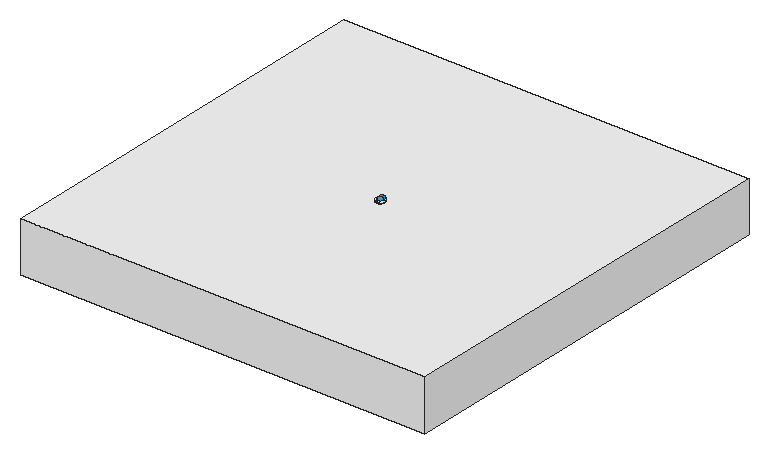
Revit family "3459A_NX_Daylight_Sensor", category Communication Devices, host Face, Revit 2021
Family settings
  Host = Face
  Maintain Annotation Orientation = No
  Round Connector Dimension = Use Diameter
  Part Type = Normal
  OmniClass Number = 23.85.80.11.27
  OmniClass Title = Lighting Controls
  Cut with Voids When Loaded = No
  Shared = Yes
  Room Calculation Point = No
Parameters
  Warranty = "5-Years Warranty"  # constant formula
  Type Comments = "NX Daylight Sensor"  # constant formula
  Product Page URL = ""
  Product Documentation Link = ""
  URL = "https://www.currentlighting.com/nxlightingcontrols"
  Model = ""
  Manufacturer = " NX Lighting Controls"  # constant formula
  Sensing Element = Plastic -  Blue
  Features = "Indoor and Outdoor models available\r\n• Architecturally attractive design\r\n• Open loop operation\r\n• Foot-candle range: 3-6,000fc\r\n• Mounts vertically or horizontally\r\n• Color coded, plug-and-play integration with NX Room Controller"
  Description = "key component in a NX Network Lighting Control System, providing programmable switching and dimming control of the projects lighting circuits"  # constant formula
  Default Elevation = 48.00"
  Copyright = "Copyright ©  NX Lighting Controls"  # constant formula
  Contact Us = ""
  Housing Material = Glass - White
  Certification = "UL and cUL listed"
  Assembly Code = "D5090"
Reference planes (in)
  plane 1 "Center (Front/Back)": y = 11.68155
  plane 2: z = 0
  plane 3 "Center (Left/Right)": x = 0
  plane 4: z = 1.38
  plane 5: through (0.87749, -180, 1.95871) normal (0.7071, 0, 0.7071)
  plane 6: x = -1.03
  plane 7: x = 1.03
  plane 8: y = 12.71155
  plane 9: y = 10.65155
Forms (in)
  Extrusion 1, solid, material "Glass - White" <- "Housing Material"
    sketch origin (0, 12.79105, 0) x (1, 0, 0) y (0, 1, 0)
      loop
        line (-48, 48) -> (-48, -48) -> (48, -48) -> (48, 48) -> (-48, 48)
    from 0 to -12
  Extrusion 2, solid, material "Glass - White" <- "Housing Material"
    sketch origin (0, 0, 0) x (1, 0, 0) y (0, 1, 0)
      loop
        circle (0, 11.68155) r 1.03
    from 0.38 to 0
  Sweep 3, void
    path in 3D
      loop
        arc (1.03, 11.68155, 0.38) -> (0, 10.65155, 0.38) -> (-1.03, 11.68155, 0.38) r 1.03
        arc (-1.03, 11.68155, 0.38) -> (0, 12.71155, 0.38) -> (1.03, 11.68155, 0.38) r 1.03
    profile origin (0, 12.71155, 0.38) x (0, 1, 0) y (0, 0, 1)
      loop
        line (0, 0) -> (-0.18131, 0)
        arc (-0.18131, 0) -> (-0.0531, -0.0531) -> (0, -0.18131) r 0.18131
        line (0, -0.18131) -> (0, 0)
  Revolve 4, solid, material "Plastic -  Blue" <- "Sensing Element"
    sketch origin (-0.00972, -0.02051, 0.30351) x (1, 0, 0) y (0, 1, 0)
      loop
        spline (0, 12.71155) -> (-0.17052, 12.67497) -> (-0.30489, 12.63345) -> (-0.40923, 12.58847) -> (-0.48966, 12.54152) -> (-0.55229, 12.4941) -> (-0.6031, 12.44754) -> (-0.6436, 12.39843) -> (-0.67039, 12.33812) -> (-0.67976, 12.25766) -> (-0.66802, 12.14809) -> (-0.6315, 12.00046) -> (-0.56649, 11.80583)
        spline (-0.56649, 11.80583) -> (-0.51315, 11.67164) -> (-0.46056, 11.56099) -> (-0.40931, 11.47071) -> (-0.35999, 11.39762) -> (-0.31321, 11.33852) -> (-0.26955, 11.29025) -> (-0.22962, 11.24961) -> (-0.19323, 11.21388) -> (-0.15672, 11.18221) -> (-0.11544, 11.15432) -> (-0.06474, 11.12994) -> (0, 11.10878)
        line (0, 11.10878) -> (0, 12.71155)
      axis (0, 12.71155) -> (0, 11.10878)
    angle from 180 to 360
Cuts and joins
  Sweep 3 cuts Extrusion 2
Lines and regions (in)
  sketch lines
    curve 1: arc (-1.03, 11.68155, 0.38) -> (0, 12.71155, 0.38) -> (1.03, 11.68155, 0.38) r 1.03
    curve 2: arc (1.03, 11.68155, 0.38) -> (0, 10.65155, 0.38) -> (-1.03, 11.68155, 0.38) r 1.03
Dimensions and locks (in)
  plane 4 to plane 2 = 1.38"
  aligned and locked: plane 2 to Extrusion 1
  aligned and locked: level to Extrusion 1
Connectors (in)
  electrical at (0, 11.68155, 0)
    settings: on cut or joined group of Extrusion 2, Sweep 3, index 1, voltage 0 V, apparent load 0 VA, apparent load phase1 0 VA, apparent load phase2 0 VA, apparent load phase3 0 VA, power factor 1, load classification "Other", number of poles 1, system type 13, power factor state 1, is connector primary yes, connector utility no, sub classification motor no, connector description ""
